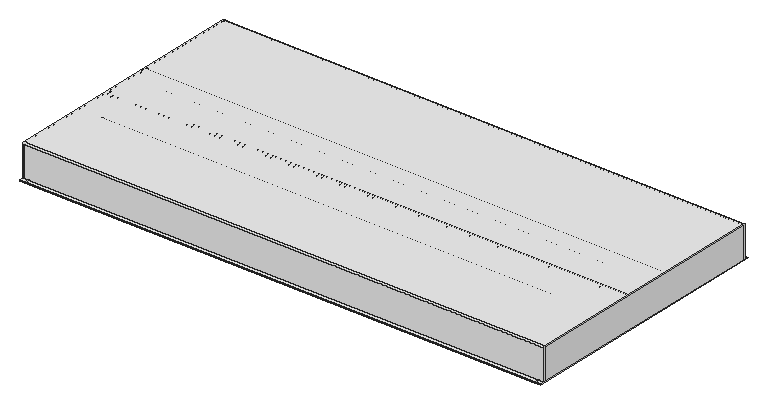
Revit family "VRIG-4104", category Lighting Fixtures, host Ceiling, Revit 2019
Family settings
  Host = Ceiling
  Round Connector Dimension = Use Diameter
  Part Type = Normal
  OmniClass Number = 23.80.70.11.14.17
  OmniClass Title = Direct/Indirect
  Always vertical = Yes
  Cut with Voids When Loaded = No
  Light Source = Yes
  Shared = No
  Room Calculation Point = No
Parameters (values of type "VRIG-4104-2X4-LED840K078LUNV")
  Width = 1' - 11 3/4"
  Wattage = 67 W
  built-in parameter 1150110 = 1 (stored number, unit not read)
  Voltage = 120 V
  URL = "https://www.viscor.com/en/products/vrig-4104"
  built-in parameter 1114217 = 0.9 (stored number, unit not read)
  Tilt Angle = 90.00°
  built-in parameter 1150109 = 1 (stored number, unit not read)
  built-in parameter 1150134 = 12
  built-in parameter 1150113 = 1 (stored number, unit not read)
  Photometric Web File = "VRIG-4104-2X4-LED840K078LUNV.ies"
  Model = "VRIG-4104"  # constant formula
  Manufacturer = "Certolux By Viscor"  # constant formula
  Lumens = 7035 lm
  built-in parameter 1150115 = 1 (stored number, unit not read)
  built-in parameter 1150105 = 559.83 (stored number, unit not read)
  built-in parameter 1150137 = (empty or 0)
  built-in parameter 1150139 = (empty or 0)
  Inner Diffuser Finish = Acrylic - Viscor - Frosted Prismatic P12
  Length = 3' - 11 3/4"
  Lamp Wattage = 67 VA
  built-in parameter 1150112 = 1 (stored number, unit not read)
  built-in parameter 1150114 = 1 (stored number, unit not read)
  Lamp = "LED"  # constant formula
  built-in parameter 1150132 = (empty or 0)
  built-in parameter 1150102 = (empty or 0)
  built-in parameter 1150138 = (empty or 0)
  built-in parameter 1150107 = 4000 (stored number, unit not read)
  built-in parameter 1150106 = 5.5983 (stored number, unit not read)
  Housing Finish = Metal - Viscor - White
  Flat Lens Finish = Acrylic - Viscor - Clear Lens
  Emit from Rectangle Width = Width  # 1' - 11 3/4"
  Emit from Rectangle Length = Length  # 3' - 11 3/4"
  Emit Shape Visible in Rendering = no
  built-in parameter 1150104 = 9.7548 (stored number, unit not read)
  Dimming Lamp Color Temperature Shift = <None>
  Description = "LED Vandal Resistant Recessed Grid (T-Bar) Inset Door"  # constant formula
  Color Filter = 16777215
  built-in parameter 1114218 = 1 (stored number, unit not read)
  built-in parameter 1150133 = 10 (stored number, unit not read)
  Assembly Code = ""
  Apparent Load = Lamp Wattage  # 67 VA
Types (5): name | Wattage | Photometric Web File | Lumens | built-in parameter 1150105 | Length | Lamp Wattage | built-in parameter 1150106 | Emit from Rectangle Length | built-in parameter 1150104 | Apparent Load
  (no name) | 67 W | "VRIG-4104-2X4-LED840K078LUNV.ies" | 7035 lm | 559.83 (stored number, unit not read) | 3' - 11 3/4" | 67 VA | 5.5983 (stored number, unit not read) | 3' - 11 3/4" | 9.7548 (stored number, unit not read) | 67 VA
  VRIG-4104-2X2-LED840K033LUNV | 33 W | "VRIG-4104-2X2-LED840K033LUNV.ies" | 3300 lm | 262.61 (stored number, unit not read) | 1' - 11 3/4" | 33 VA | 2.6261 (stored number, unit not read) | 1' - 11 3/4" | 9.2903 (stored number, unit not read) | 33 VA
  VRIG-4104-2X4-LED840K039LUNV | 40 W | "VRIG-4104-2X4-LED840K039LUNV.ies" | 4040 lm | 321.49 (stored number, unit not read) | 3' - 11 3/4" | 40 VA | 3.2149 (stored number, unit not read) | 3' - 11 3/4" | 9.3832 (stored number, unit not read) | 40 VA
  VRIG-4104-2X4-LED840K052LUNV | 46 W | "VRIG-4104-2X4-LED840K052LUNV.ies" | 4830 lm | 384.36 (stored number, unit not read) | 3' - 11 3/4" | 46 VA | 3.8436 (stored number, unit not read) | 3' - 11 3/4" | 9.7548 (stored number, unit not read) | 46 VA
  VRIG-4104-2X4-LED840K078LUNV | 67 W | "VRIG-4104-2X4-LED840K078LUNV.ies" | 7035 lm | 559.83 (stored number, unit not read) | 3' - 11 3/4" | 67 VA | 5.5983 (stored number, unit not read) | 3' - 11 3/4" | 9.7548 (stored number, unit not read) | 67 VA
Reference planes (in)
  plane 1 "Light Source Axis (F/B)": y = 0
  plane 2 "Ceiling": z = 96
  plane 3 "Light Source Axis (L/R)": x = 0
  plane 4 "Light Source Elevation": z = 96
  plane 5: y = 11.875
  plane 6: y = -11.875
  plane 7 "Left": x = -23.875
  plane 8 "Right": x = 23.875
  plane 9: x = -23.375
  plane 10: x = 23.375
  plane 11 "USofFrame": z = 96.045
  plane 12: y = -11.25
  plane 13: y = 11.25
  plane 14 "Lens": z = 96.17
  plane 15: y = 11.375
  plane 16: y = -11.375
  plane 17: x = 23.825
  plane 18: x = -23.825
Forms (in)
  Extrusion 1, solid, material "Metal - Viscor - White" <- "Housing Finish"
    sketch origin (0, 0, 96) x (1, 0, 0) y (0, 1, 0)
      loop
        line (-23.875, -11.875) -> (-23.375, -11.875) -> (-23.375, 11.875) -> (-23.875, 11.875) -> (-23.875, -11.875)
    from 0 to 0.045
  Extrusion 2, solid, material "Metal - Viscor - White" <- "Housing Finish"
    sketch origin (0, 0, 96) x (1, 0, 0) y (0, 1, 0)
      loop
        line (23.375, -11.875) -> (23.875, -11.875) -> (23.875, 11.875) -> (23.375, 11.875) -> (23.375, -11.875)
    from 0 to 0.045
  Extrusion 3, void
    sketch origin (43.99109, -53.88196, 0) x (1, 0, 0) y (0, 1, 0)
      loop
        line (-67.86609, 65.75696) -> (-67.86609, 42.00696) -> (-20.11609, 42.00696) -> (-20.11609, 65.75696) -> (-67.86609, 65.75696)
    from 95.84372 to 99.36877
  Extrusion 4, solid, material "Metal - Viscor - White" <- "Housing Finish"
    sketch origin (0, 0, 0) x (0, 1, 0) y (0, 0, 1)
      loop
        line (11.48896, 96.0595) -> (11.48896, 98.8935)
        arc (11.48896, 98.8935) -> (11.46289, 98.95643) -> (11.39996, 98.9825) r 0.089
        line (11.39996, 98.9825) -> (-11.40004, 98.9825)
        arc (-11.40004, 98.9825) -> (-11.46297, 98.95643) -> (-11.48904, 98.8935) r 0.089
        line (-11.48904, 98.8935) -> (-11.48904, 96.0595) -> (-11.43826, 96.0595) -> (-11.43826, 98.8935)
        arc (-11.43826, 98.8935) -> (-11.42706, 98.92052) -> (-11.40004, 98.93172) r 0.03822
        line (-11.40004, 98.93172) -> (11.39996, 98.93172)
        arc (11.39996, 98.93172) -> (11.42699, 98.92052) -> (11.43818, 98.8935) r 0.03822
        line (11.43818, 98.8935) -> (11.43818, 96.0595) -> (11.48896, 96.0595)
    from -23.875 to 23.875
  Extrusion 5, solid, material "Metal - Viscor - White" <- "Housing Finish"
    sketch origin (0, 0, 0) x (0, 1, 0) y (0, 0, 1)
      loop
        line (11.87746, 96) -> (11.87746, 96.045) -> (11.47146, 96.045) -> (11.47146, 96) -> (11.87746, 96)
    from -23.375 to 23.375
  Extrusion 6, solid, material "Metal - Viscor - White" <- "Housing Finish"
    sketch origin (0, 0, 0) x (0, -1, 0) y (0, 0, -1)
      loop
        line (11.87746, -96) -> (11.47146, -96) -> (11.47146, -96.045) -> (11.87746, -96.045) -> (11.87746, -96)
    from -23.375 to 23.375
  Extrusion 7, solid, material "Metal - Viscor - White" <- "Housing Finish"
    sketch origin (0, 0, 96) x (1, 0, 0) y (0, 1, 0)
      loop
        line (-23.32813, -11.39138) -> (23.32813, -11.39138) -> (23.32813, 11.39131) -> (-23.32813, 11.39131) -> (-23.32813, -11.39138)
      loop
        line (21.82813, 9.89131) -> (-21.82813, 9.89131) -> (-21.82813, -9.89138) -> (21.82813, -9.89138) -> (21.82813, 9.89131)
    from 0 to 0.045
  Extrusion 8, solid, material "Metal - Viscor - White" <- "Housing Finish"
    sketch origin (0, 0, 0) x (0, 1, 0) y (0, 0, 1)
      loop
        line (11.43818, 96.0595) -> (11.43818, 98.8935)
        arc (11.43818, 98.8935) -> (11.42699, 98.92052) -> (11.39996, 98.93172) r 0.03822
        line (11.39996, 98.93172) -> (-11.40004, 98.93172)
        arc (-11.40004, 98.93172) -> (-11.42706, 98.92052) -> (-11.43826, 98.8935) r 0.03822
        line (-11.43826, 98.8935) -> (-11.43826, 96.0595) -> (11.43818, 96.0595)
    from 23.825 to 23.875
  Extrusion 9, solid, material "Metal - Viscor - White" <- "Housing Finish"
    sketch origin (0, 0, 0) x (0, 1, 0) y (0, 0, -1)
      loop
        line (11.43818, -96.0595) -> (-11.43826, -96.0595) -> (-11.43826, -98.8935)
        arc (-11.43826, -98.8935) -> (-11.42706, -98.92052) -> (-11.40004, -98.93172) r 0.03822
        line (-11.40004, -98.93172) -> (11.39996, -98.93172)
        arc (11.39996, -98.93172) -> (11.42699, -98.92052) -> (11.43818, -98.8935) r 0.03822
        line (11.43818, -98.8935) -> (11.43818, -96.0595)
    from 23.825 to 23.875
  Extrusion 10, solid, material "Metal - Viscor - White" <- "Housing Finish"
    sketch origin (0, 0, 0) x (0, 1, 0) y (0, 0, 1)
      loop
        line (2.15446, 98.9325) -> (1.74846, 98.9325)
        arc (1.74846, 98.9325) -> (1.70533, 98.91463) -> (1.68746, 98.8715) r 0.061
        line (1.68746, 98.8715) -> (1.68746, 98.4635)
        arc (1.68746, 98.4635) -> (1.67838, 98.44158) -> (1.65646, 98.4325) r 0.031
        line (1.65646, 98.4325) -> (-1.65654, 98.4325)
        arc (-1.65654, 98.4325) -> (-1.67846, 98.44158) -> (-1.68754, 98.4635) r 0.031
        line (-1.68754, 98.4635) -> (-1.68754, 98.8715)
        arc (-1.68754, 98.8715) -> (-1.7054, 98.91463) -> (-1.74854, 98.9325) r 0.061
        line (-1.74854, 98.9325) -> (-2.15454, 98.9325) -> (-2.15454, 98.90125) -> (-1.74854, 98.90125)
        arc (-1.74854, 98.90125) -> (-1.7275, 98.89254) -> (-1.71879, 98.8715) r 0.02975
        line (-1.71879, 98.8715) -> (-1.71879, 98.4635)
        arc (-1.71879, 98.4635) -> (-1.70056, 98.41948) -> (-1.65654, 98.40125) r 0.06225
        line (-1.65654, 98.40125) -> (1.65646, 98.40125)
        arc (1.65646, 98.40125) -> (1.70048, 98.41948) -> (1.71871, 98.4635) r 0.06225
        line (1.71871, 98.4635) -> (1.71871, 98.8715)
        arc (1.71871, 98.8715) -> (1.72743, 98.89254) -> (1.74846, 98.90125) r 0.02975
        line (1.74846, 98.90125) -> (2.15446, 98.90125) -> (2.15446, 98.9325)
    from -23.825 to 23.825
  Extrusion 11, solid, material "Acrylic - Viscor - Frosted Prismatic P12" <- "Inner Diffuser Finish"
    sketch origin (0, 0, 0) x (0, 1, 0) y (0, 0, 1)
      loop
        line (10.13691, 96.96288) -> (10.38691, 97.39589) -> (10.35985, 97.41152) -> (10.10985, 96.9785) -> (9.95081, 96.70305)
        arc (9.95081, 96.70305) -> (9.93132, 96.68656) -> (9.9058, 96.68624) r 0.03775
        line (9.9058, 96.68624) -> (9.25069, 96.91246)
        arc (9.25069, 96.91246) -> (6.06413, 97.79843) -> (2.79313, 98.28802) r 26.9916
        line (2.79313, 98.28802) -> (2.31211, 98.3301)
        arc (2.31211, 98.3301) -> (2.28133, 98.35145) -> (2.2841, 98.38882) r 0.03775
        line (2.2841, 98.38882) -> (2.44928, 98.6337) -> (2.55666, 98.79289)
        arc (2.55666, 98.79289) -> (2.56045, 98.86516) -> (2.49842, 98.90243) r 0.07025
        line (2.49842, 98.90243) -> (1.82177, 98.90243) -> (1.82177, 98.87118) -> (2.49842, 98.87118)
        arc (2.49842, 98.87118) -> (2.53285, 98.85049) -> (2.53075, 98.81037) r 0.039
        line (2.53075, 98.81037) -> (2.42338, 98.65118) -> (2.2582, 98.40629)
        arc (2.2582, 98.40629) -> (2.25312, 98.338) -> (2.30939, 98.29897) r 0.069
        line (2.30939, 98.29897) -> (2.79041, 98.25688)
        arc (2.79041, 98.25688) -> (6.05762, 97.76786) -> (9.24049, 96.88292) r 26.96035
        line (9.24049, 96.88292) -> (9.8956, 96.6567)
        arc (9.8956, 96.6567) -> (9.94226, 96.65728) -> (9.97788, 96.68742) r 0.069
        line (9.97788, 96.68742) -> (10.13691, 96.96288)
    from -23.825 to 23.825
  Extrusion 12, solid, material "Metal - Viscor - White" <- "Housing Finish"
    sketch origin (0, 0, 0) x (0, -1, 0) y (0, 0, -1)
      loop
        line (10.13691, -96.96288) -> (9.97788, -96.68742)
        arc (9.97788, -96.68742) -> (9.94226, -96.65728) -> (9.8956, -96.6567) r 0.069
        line (9.8956, -96.6567) -> (9.24049, -96.88292)
        arc (9.24049, -96.88292) -> (6.05762, -97.76786) -> (2.79041, -98.25688) r 26.96035
        line (2.79041, -98.25688) -> (2.30939, -98.29897)
        arc (2.30939, -98.29897) -> (2.25312, -98.338) -> (2.2582, -98.40629) r 0.069
        line (2.2582, -98.40629) -> (2.42338, -98.65118) -> (2.53075, -98.81037)
        arc (2.53075, -98.81037) -> (2.53285, -98.85049) -> (2.49842, -98.87118) r 0.039
        line (2.49842, -98.87118) -> (1.82177, -98.87118) -> (1.82177, -98.90243) -> (2.49842, -98.90243)
        arc (2.49842, -98.90243) -> (2.56045, -98.86516) -> (2.55666, -98.79289) r 0.07025
        line (2.55666, -98.79289) -> (2.44928, -98.6337) -> (2.2841, -98.38882)
        arc (2.2841, -98.38882) -> (2.28133, -98.35145) -> (2.31211, -98.3301) r 0.03775
        line (2.31211, -98.3301) -> (2.79313, -98.28802)
        arc (2.79313, -98.28802) -> (6.06413, -97.79843) -> (9.25069, -96.91246) r 26.9916
        line (9.25069, -96.91246) -> (9.9058, -96.68624)
        arc (9.9058, -96.68624) -> (9.93132, -96.68656) -> (9.95081, -96.70305) r 0.03775
        line (9.95081, -96.70305) -> (10.10985, -96.9785) -> (10.35985, -97.41152) -> (10.38691, -97.39589) -> (10.13691, -96.96288)
    from -23.825 to 23.825
  Extrusion 13, solid, material "Acrylic - Viscor - Frosted Prismatic P12" <- "Inner Diffuser Finish"
    sketch origin (0, 0, 0) x (0, 1, 0) y (0, 0, 1)
      loop
        arc (3.12444, 97.51021) -> (3.13757, 97.55742) -> (3.09058, 97.57129) r 0.03492
        line (3.09058, 97.57129) -> (2.89781, 97.46549) -> (2.87413, 97.528)
        arc (2.87413, 97.528) -> (2.84832, 97.57191) -> (2.80939, 97.60474) r 0.15113
        line (2.80939, 97.60474) -> (2.6818, 97.67975) -> (2.45228, 98.28583) -> (2.37922, 98.25816) -> (2.60346, 97.66602)
        arc (2.60346, 97.66602) -> (2.61537, 97.63469) -> (2.63974, 97.61167) r 0.075
        line (2.63974, 97.61167) -> (2.76885, 97.53577)
        arc (2.76885, 97.53577) -> (2.78717, 97.52032) -> (2.79932, 97.49966) r 0.07113
        line (2.79932, 97.49966) -> (2.82474, 97.43256)
        arc (2.82474, 97.43256) -> (-0.00098, 96.73529) -> (-2.82649, 97.43344) r 6.07046
        line (-2.82649, 97.43344) -> (-2.80115, 97.50032)
        arc (-2.80115, 97.50032) -> (-2.78868, 97.52153) -> (-2.76987, 97.53739) r 0.073
        line (-2.76987, 97.53739) -> (-2.61856, 97.62634) -> (-2.37929, 98.25816) -> (-2.45235, 98.28583) -> (-2.68187, 97.67975) -> (-2.80947, 97.60474)
        arc (-2.80947, 97.60474) -> (-2.84839, 97.57191) -> (-2.8742, 97.528) r 0.15113
        line (-2.8742, 97.528) -> (-2.89789, 97.46549) -> (-3.09065, 97.57129)
        arc (-3.09065, 97.57129) -> (-3.13765, 97.55742) -> (-3.12452, 97.51021) r 0.03492
        arc (-3.12452, 97.51021) -> (-0.00004, 96.65717) -> (3.12444, 97.51021) r 6.14859
    from -23.375 to 23.375
  Extrusion 14, solid, material "Acrylic - Viscor - Clear Lens" <- "Flat Lens Finish"
    sketch origin (0, 0, 0) x (0, 1, 0) y (0, 0, 1)
      loop
        line (10.12496, 96.2475) -> (-10.12504, 96.2475) -> (-10.12504, 96.045) -> (10.12496, 96.045) -> (10.12496, 96.2475)
    from -23.375 to 23.375
Dimensions and locks (in)
  equal spacing: host sketch curve, plane 3 "Light Source Axis (L/R)", host sketch curve
  equal spacing: host sketch curve, plane 1 "Light Source Axis (F/B)", host sketch curve
  host sketch curve to host sketch curve = 10' - 0"  (x2)
  equal spacing: plane 7 "Left", plane 3 "Light Source Axis (L/R)", plane 8 "Right"
  "Length": plane 7 "Left" to plane 8 "Right"
  equal spacing: plane 5, plane 1 "Light Source Axis (F/B)", plane 6
  "Width": plane 5 to plane 6
  locked: plane 7 "Left" to plane 9 at 0.5
  locked: plane 10 to plane 8 "Right" at 0.5
  locked: plane 11 "USofFrame" to plane 2 "Ceiling" at 0.045
  plane 14 "Lens" to plane 11 "USofFrame" = 0' - 0 1/8"
  locked: plane 15 to plane 5 at 0.5
  locked: plane 6 to plane 16 at 0.5
  plane 5 to Extrusion 5 = 0' - 0.00246"
  locked: plane 17 to plane 8 "Right" at 0.05
  locked: plane 18 to plane 7 "Left" at 0.05
  aligned and locked: plane 3 "Light Source Axis (L/R)" to imposter light
  aligned and locked: plane 1 "Light Source Axis (F/B)" to imposter light
  aligned and locked: plane 4 "Light Source Elevation" to imposter light
  aligned and locked: Extrusion 1 sketch curve to plane 7 "Left"
  aligned and locked: plane 9 to Extrusion 1 sketch curve
  aligned and locked: plane 11 "USofFrame" to Extrusion 1
  aligned and locked: Extrusion 2 sketch curve to plane 10
  aligned and locked: Extrusion 2 sketch curve to plane 6
  aligned and locked: plane 5 to Extrusion 2 sketch curve
  aligned and locked: plane 11 "USofFrame" to Extrusion 2
  aligned and locked: Extrusion 3 to plane 7 "Left"
  aligned and locked: plane 8 "Right" to Extrusion 3
  aligned and locked: Extrusion 3 to plane 6
  aligned and locked: plane 5 to Extrusion 3
  aligned and locked: Extrusion 4 to plane 7 "Left"
  aligned and locked: plane 8 "Right" to Extrusion 4
  aligned and locked: Extrusion 5 to plane 9
  aligned and locked: plane 10 to Extrusion 5
  aligned and locked: Extrusion 6 to plane 9
  aligned and locked: plane 10 to Extrusion 6
  aligned and locked: plane 8 "Right" to Extrusion 8
  aligned and locked: plane 17 to Extrusion 8
  aligned and locked: Extrusion 9 to plane 7 "Left"
  aligned and locked: Extrusion 9 to plane 18
  aligned and locked: plane 18 to Extrusion 10
  aligned and locked: Extrusion 10 to plane 17
  aligned and locked: plane 18 to Extrusion 11
  aligned and locked: Extrusion 11 to plane 17
  aligned and locked: plane 18 to Extrusion 12
  aligned and locked: Extrusion 12 to plane 17
  aligned and locked: Extrusion 13 to plane 9
  aligned and locked: plane 10 to Extrusion 13
  aligned and locked: Extrusion 14 to plane 9
  aligned and locked: plane 10 to Extrusion 14
Automatic sketch dimensions
  Extrusion 1 sketch curve to plane 6 = 0' - 0"
  Extrusion 1 sketch curve to plane 5 = 0' - 0"
  Extrusion 2 sketch curve to plane 8 "Right" = 0' - 0"
  Extrusion 3 sketch curve to plane 6 = 0' - 0"
  Extrusion 3 sketch curve to plane 7 "Left" = 0' - 0"
  Extrusion 3 sketch curve to plane 8 "Right" = 0' - 0"
  Extrusion 3 sketch curve to plane 5 = 0' - 0"
  Extrusion 4 sketch curve to Extrusion 4 sketch curve = 0' - 0"  (x4)
  plane 11 "USofFrame" to Extrusion 4 sketch curve = 0' - 0.0145"  (x2)
  Extrusion 4 sketch curve to plane 16 = 0' - 0.11404"
  Extrusion 4 sketch curve to Extrusion 4 sketch curve = 0' - 0 13/256"
  Extrusion 4 sketch curve to plane 16 = 0' - 0.02504"
  plane 15 to Extrusion 4 sketch curve = 0' - 0.02496"
  plane 15 to Extrusion 4 sketch curve = 0' - 0.06318"
  plane 14 "Lens" to Extrusion 4 sketch curve = 0' - 2.7235"
  Extrusion 5 sketch curve to plane 2 "Ceiling" = 0' - 0"
  Extrusion 5 sketch curve to plane 11 "USofFrame" = 0' - 0"
  plane 15 to Extrusion 5 sketch curve = 0' - 0.09646"
  plane 5 to Extrusion 5 sketch curve = 0' - 0.00246"
  Extrusion 6 sketch curve to plane 2 "Ceiling" = 0' - 0"
  Extrusion 6 sketch curve to plane 11 "USofFrame" = 0' - 0"
  plane 16 to Extrusion 6 sketch curve = 0' - 0.09646"
  plane 6 to Extrusion 6 sketch curve = 0' - 0.00246"
  plane 15 to Extrusion 7 sketch curve = 0' - 0.01631"
  plane 9 to Extrusion 7 sketch curve = 0' - 0 3/64"
  plane 9 to Extrusion 7 sketch curve = 0' - 1 35/64"
  Extrusion 7 sketch curve to plane 10 = 0' - 1 35/64"
  Extrusion 7 sketch curve to plane 10 = 0' - 0 3/64"
  Extrusion 7 sketch curve to plane 15 = 0' - 1.48369"
  plane 16 to Extrusion 7 sketch curve = 0' - 1.48362"
  Extrusion 7 sketch curve to plane 16 = 0' - 0.01638"
  plane 11 "USofFrame" to Extrusion 8 sketch curve = 0' - 0.0145"
  Extrusion 8 sketch curve to plane 16 = 0' - 0.06326"
  Extrusion 8 sketch curve to plane 16 = 0' - 0.02504"
  plane 15 to Extrusion 8 sketch curve = 0' - 0.02496"
  Extrusion 8 sketch curve to Extrusion 8 sketch curve = 0' - 0.03822"
  plane 14 "Lens" to Extrusion 8 sketch curve = 0' - 2.7235"
  plane 11 "USofFrame" to Extrusion 9 sketch curve = 0' - 0.0145"
  Extrusion 9 sketch curve to plane 16 = 0' - 0.06326"
  Extrusion 9 sketch curve to plane 16 = 0' - 0.02504"
  plane 15 to Extrusion 9 sketch curve = 0' - 0.02496"
  Extrusion 9 sketch curve to Extrusion 9 sketch curve = 0' - 0.03822"
  plane 14 "Lens" to Extrusion 9 sketch curve = 0' - 2.7235"
  Extrusion 10 sketch curve to Extrusion 10 sketch curve = 0' - 0"  (x8)
  plane 1 "Light Source Axis (F/B)" to Extrusion 10 sketch curve = 0' - 2.15454"
  Extrusion 10 sketch curve to Extrusion 10 sketch curve = 0' - 0.406"  (x2)
  Extrusion 10 sketch curve to Extrusion 10 sketch curve = 0' - 0.02975"  (x2)
  Extrusion 10 sketch curve to Extrusion 10 sketch curve = 0' - 0 1/32"
  Extrusion 10 sketch curve to Extrusion 10 sketch curve = 0' - 0.031"  (x2)
  Extrusion 10 sketch curve to plane 1 "Light Source Axis (F/B)" = 0' - 1.65646"
  plane 14 "Lens" to Extrusion 10 sketch curve = 0' - 2.23125"
  Extrusion 10 sketch curve to Extrusion 10 sketch curve = 0' - 0.408"  (x2)
  Extrusion 11 sketch curve to Extrusion 11 sketch curve = 0' - 0"  (x8)
  Extrusion 11 sketch curve to plane 1 "Light Source Axis (F/B)" = 0' - 0.44066"
  Extrusion 11 sketch curve to plane 1 "Light Source Axis (F/B)" = 0' - 1.82177"
  Extrusion 11 sketch curve to Extrusion 11 sketch curve = 0' - 0.43643"
  Extrusion 11 sketch curve to Extrusion 11 sketch curve = 0' - 0.02591"  (x3)
  Extrusion 11 sketch curve to Extrusion 11 sketch curve = 0' - 0.02528"
  Extrusion 11 sketch curve to Extrusion 11 sketch curve = 0' - 0.00272"  (x2)
  Extrusion 11 sketch curve to Extrusion 11 sketch curve = 0' - 0.0313"
  Extrusion 11 sketch curve to Extrusion 11 sketch curve = 0' - 0.16518"
  Extrusion 11 sketch curve to Extrusion 11 sketch curve = 0' - 0.07504"
  Extrusion 11 sketch curve to Extrusion 11 sketch curve = 0' - 0.03233"
  plane 14 "Lens" to Extrusion 11 sketch curve = 0' - 2.08688"
  Extrusion 11 sketch curve to Extrusion 11 sketch curve = 0' - 0.48102"
  plane 14 "Lens" to Extrusion 11 sketch curve = 0' - 0.71292"
  Extrusion 11 sketch curve to Extrusion 11 sketch curve = 0' - 6.45008"
  plane 14 "Lens" to Extrusion 11 sketch curve = 0' - 0.74246"
  Extrusion 11 sketch curve to Extrusion 11 sketch curve = 0' - 0.0102"  (x2)
  plane 14 "Lens" to Extrusion 11 sketch curve = 0' - 0.4867"
  Extrusion 11 sketch curve to Extrusion 11 sketch curve = 0' - 0.65511"
  plane 14 "Lens" to Extrusion 11 sketch curve = 0' - 0.51624"
  Extrusion 11 sketch curve to Extrusion 11 sketch curve = 0' - 0.01232"
  plane 14 "Lens" to Extrusion 11 sketch curve = 0' - 0.53305"
  Extrusion 11 sketch curve to Extrusion 11 sketch curve = 0' - 0.03269"
  plane 14 "Lens" to Extrusion 11 sketch curve = 0' - 0.51742"
  Extrusion 11 sketch curve to Extrusion 11 sketch curve = 0' - 0.15903"
  Extrusion 11 sketch curve to Extrusion 11 sketch curve = 0' - 0.02706"  (x2)
  Extrusion 11 sketch curve to Extrusion 11 sketch curve = 0' - 0 1/4"
  Extrusion 11 sketch curve to Extrusion 11 sketch curve = 0' - 0.27546"
  Extrusion 11 sketch curve to Extrusion 11 sketch curve = 0' - 0 1/64"
  Extrusion 11 sketch curve to Extrusion 11 sketch curve = 0' - 0.04208"
  Extrusion 11 sketch curve to Extrusion 11 sketch curve = 0' - 0.03113"
  Extrusion 11 sketch curve to Extrusion 11 sketch curve = 0' - 0.03761"
  Extrusion 11 sketch curve to Extrusion 11 sketch curve = 0' - 0.24489"
  Extrusion 11 sketch curve to Extrusion 11 sketch curve = 0' - 0.01747"  (x2)
  Extrusion 11 sketch curve to Extrusion 11 sketch curve = 0' - 0.15919"
  Extrusion 11 sketch curve to Extrusion 11 sketch curve = 0' - 0.02181"
  Extrusion 12 sketch curve to Extrusion 12 sketch curve = 0' - 0"  (x8)
  Extrusion 12 sketch curve to plane 1 "Light Source Axis (F/B)" = 0' - 0.44066"
  Extrusion 12 sketch curve to plane 1 "Light Source Axis (F/B)" = 0' - 1.82177"
  Extrusion 12 sketch curve to Extrusion 12 sketch curve = 0' - 0.43643"
  Extrusion 12 sketch curve to Extrusion 12 sketch curve = 0' - 0.02591"  (x3)
  Extrusion 12 sketch curve to Extrusion 12 sketch curve = 0' - 0.02528"
  Extrusion 12 sketch curve to Extrusion 12 sketch curve = 0' - 0.00272"  (x2)
  Extrusion 12 sketch curve to Extrusion 12 sketch curve = 0' - 0.0313"
  Extrusion 12 sketch curve to Extrusion 12 sketch curve = 0' - 0.16518"
  Extrusion 12 sketch curve to Extrusion 12 sketch curve = 0' - 0.07504"
  Extrusion 12 sketch curve to Extrusion 12 sketch curve = 0' - 0.03233"
  Extrusion 12 sketch curve to plane 14 "Lens" = 0' - 2.08688"
  Extrusion 12 sketch curve to Extrusion 12 sketch curve = 0' - 0.48102"
  Extrusion 12 sketch curve to plane 14 "Lens" = 0' - 0.71292"
  Extrusion 12 sketch curve to Extrusion 12 sketch curve = 0' - 6.45008"
  Extrusion 12 sketch curve to plane 14 "Lens" = 0' - 0.74246"
  Extrusion 12 sketch curve to Extrusion 12 sketch curve = 0' - 0.0102"  (x2)
  Extrusion 12 sketch curve to plane 14 "Lens" = 0' - 0.4867"
  Extrusion 12 sketch curve to Extrusion 12 sketch curve = 0' - 0.65511"
  Extrusion 12 sketch curve to plane 14 "Lens" = 0' - 0.51624"
  Extrusion 12 sketch curve to Extrusion 12 sketch curve = 0' - 0.01232"
  Extrusion 12 sketch curve to plane 14 "Lens" = 0' - 0.53305"
  Extrusion 12 sketch curve to Extrusion 12 sketch curve = 0' - 0.03269"
  Extrusion 12 sketch curve to plane 14 "Lens" = 0' - 0.51742"
  Extrusion 12 sketch curve to Extrusion 12 sketch curve = 0' - 0.15903"
  Extrusion 12 sketch curve to Extrusion 12 sketch curve = 0' - 0.02706"  (x2)
  Extrusion 12 sketch curve to Extrusion 12 sketch curve = 0' - 0 1/4"
  Extrusion 12 sketch curve to Extrusion 12 sketch curve = 0' - 0.27546"
  Extrusion 12 sketch curve to Extrusion 12 sketch curve = 0' - 0 1/64"
  Extrusion 12 sketch curve to Extrusion 12 sketch curve = 0' - 0.04208"
  Extrusion 12 sketch curve to Extrusion 12 sketch curve = 0' - 0.03113"
  Extrusion 12 sketch curve to Extrusion 12 sketch curve = 0' - 0.03761"
  Extrusion 12 sketch curve to Extrusion 12 sketch curve = 0' - 0.24489"
  Extrusion 12 sketch curve to Extrusion 12 sketch curve = 0' - 0.01747"  (x2)
  Extrusion 12 sketch curve to Extrusion 12 sketch curve = 0' - 0.15919"
  Extrusion 12 sketch curve to Extrusion 12 sketch curve = 0' - 0.02181"
  plane 1 "Light Source Axis (F/B)" to Extrusion 13 sketch curve = 0' - 0.00004"
  Extrusion 13 sketch curve to plane 1 "Light Source Axis (F/B)" = 0' - 3.10703"
  plane 14 "Lens" to Extrusion 13 sketch curve = 0' - 1.37048"
  plane 1 "Light Source Axis (F/B)" to Extrusion 13 sketch curve = 0' - 3.12452"
  Extrusion 13 sketch curve to Extrusion 13 sketch curve = 0' - 0.01645"  (x2)
  Extrusion 13 sketch curve to Extrusion 13 sketch curve = 0' - 0.01741"  (x2)
  plane 14 "Lens" to Extrusion 13 sketch curve = 0' - 1.29549"  (x2)
  Extrusion 13 sketch curve to Extrusion 13 sketch curve = 0' - 0.19276"  (x2)
  plane 14 "Lens" to Extrusion 13 sketch curve = 0' - 1.358"
  Extrusion 13 sketch curve to Extrusion 13 sketch curve = 0' - 0.02369"  (x2)
  Extrusion 13 sketch curve to Extrusion 13 sketch curve = 0' - 0.14132"  (x2)
  Extrusion 13 sketch curve to Extrusion 13 sketch curve = 0' - 0.05355"  (x2)
  Extrusion 13 sketch curve to Extrusion 13 sketch curve = 0' - 0.06474"  (x2)
  Extrusion 13 sketch curve to Extrusion 13 sketch curve = 0' - 0.1276"  (x2)
  Extrusion 13 sketch curve to Extrusion 13 sketch curve = 0' - 0.07501"  (x2)
  Extrusion 13 sketch curve to Extrusion 13 sketch curve = 0' - 0.22952"  (x2)
  Extrusion 13 sketch curve to Extrusion 13 sketch curve = 0' - 0.03027"
  Extrusion 13 sketch curve to Extrusion 13 sketch curve = 0' - 0"  (x6)
  Extrusion 13 sketch curve to Extrusion 13 sketch curve = 0' - 0.07677"
  plane 14 "Lens" to Extrusion 13 sketch curve = 0' - 1.26344"
  Extrusion 13 sketch curve to Extrusion 13 sketch curve = 0' - 0.0714"
  plane 14 "Lens" to Extrusion 13 sketch curve = 0' - 1.33032"
  Extrusion 13 sketch curve to Extrusion 13 sketch curve = 0' - 0.02768"
  Extrusion 13 sketch curve to Extrusion 13 sketch curve = 0' - 0.03959"
  Extrusion 13 sketch curve to Extrusion 13 sketch curve = 0' - 0.06332"
  Extrusion 13 sketch curve to Extrusion 13 sketch curve = 0' - 0.06735"
  Extrusion 13 sketch curve to Extrusion 13 sketch curve = 0' - 0.0534"
  Extrusion 13 sketch curve to Extrusion 13 sketch curve = 0' - 0.02767"  (x2)
  plane 14 "Lens" to Extrusion 13 sketch curve = 0' - 1.32966"
  Extrusion 13 sketch curve to Extrusion 13 sketch curve = 0' - 0.06651"
  Extrusion 13 sketch curve to Extrusion 13 sketch curve = 0' - 0.03047"
  plane 14 "Lens" to Extrusion 13 sketch curve = 0' - 1.26256"
  Extrusion 13 sketch curve to Extrusion 13 sketch curve = 0' - 0.02542"
  Extrusion 13 sketch curve to Extrusion 13 sketch curve = 0' - 0.04206"
  Extrusion 13 sketch curve to Extrusion 13 sketch curve = 0' - 0.06807"
  Extrusion 13 sketch curve to Extrusion 13 sketch curve = 0' - 0.07306"
  Extrusion 13 sketch curve to Extrusion 13 sketch curve = 0' - 0.01373"
  Extrusion 13 sketch curve to Extrusion 13 sketch curve = 0' - 0.00405"
  plane 14 "Lens" to Extrusion 14 sketch curve = 0' - 0.0775"
  plane 16 to Extrusion 14 sketch curve = 0' - 1.24996"
  Extrusion 14 sketch curve to plane 15 = 0' - 1.25004"
  Extrusion 14 sketch curve to plane 11 "USofFrame" = 0' - 0"
Connectors (in)
  electrical at (0, 0, 96), driven by "Voltage", driven by "Apparent Load"
    settings: index 1, voltage 120 V, apparent load 0 VA, apparent load phase1 67 VA, apparent load phase2 0 VA, apparent load phase3 0 VA, power factor 1, load classification "Other", number of poles 1, system type 31, power factor state 1, is connector primary yes, connector utility no, sub classification motor no, connector description ""
